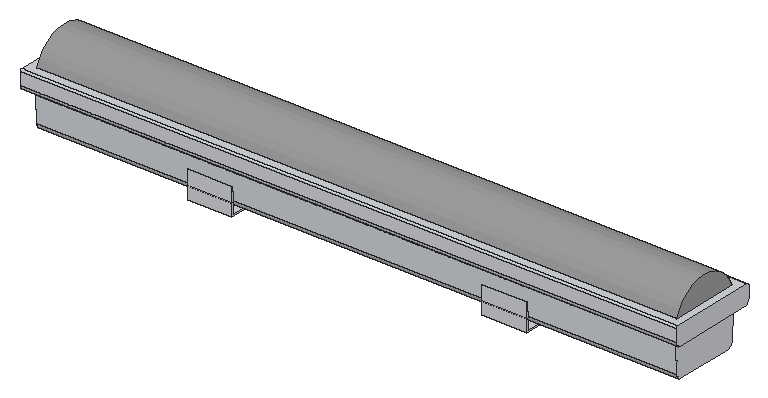
Revit family "0010204", category Lighting Fixtures, host Face, Revit 2017 (continued)
Types (60, lengths in mm): name | Weight | Wattage | TypeName | built-in parameter 1150134 | Photometric Web File | PowerFactor | PowerConsumption | NominalLength | Name | ModelReference | ModelNumber | Model | LuminousEfficacy | built-in parameter 1150105 | Lumens | LampNominalLuminous | LampMacAdamStep | LampColourTemperature | LENGHT_SYL | LENGHT_CHAMFER_SYL | LENGHT-_SYL | LENGHT-_CHAMFER_SYL | L0650_SYL | L1500_SYL | L1200_SYL | built-in parameter 1150107 | built-in parameter 1150106 | built-in parameter 1150104 | DocumentationLiterature | Description | BRACKET_WIDTH_SYL | BRACKET_DIST_SYL | Apparent Load
  0010215 RESISTO 1200 IP66 4800LM 840 QC | "1.61 kg" | 35 W | "Resisto  1200 IP66 4800lm 840 QC" | 12 | "0010215.ies" | 0.95 | "35 W" | 1212 | "Resisto  1200 IP66 4800lm 840 QC" | "Resisto  1200 IP66 4800lm 840 QC" | "0010215" | "Resisto  1200 IP66 4800lm 840 QC" | "137 lm/W" | 1583.6 (stored number, unit not read) | 4795 lm | "4800 lm" | "5" | "4000 K" | 592 | 600 | -592 | -600 | no | no | yes | 4000 (stored number, unit not read) | 15.836 (stored number, unit not read) | 12.728 (stored number, unit not read) | "http://www.sylvania-lighting.com/product/en-int/products/0010215" | "Resisto, integrated LED weatherproof luminaire, with UV stabilized flat diffuser designed to achieve uniform lit appearance, optimise light output and to reduce glare. 301 stainless steel diffuser clips and fixing brackets for surface mounting. Polycarbonate housing and diffuser - no yellow discolouration over time. 4800lm; 35W; 137lm/W; 4000K; SDCM<5; non dimmable; CRI80; IP66; IK08; Class I; 69,000hrs (L80B20) lifespan; 1200mm x 89mm x 88mm; D-mark; assembled with quick connector." | 400 | 444 | 35 VA
  0010214 RESISTO 1200 IP66 2800LM 840 QC | "1.57 kg" | 21 W | "Resisto  1200 IP66 2800lm 840 QC" | 12 | "0010214.ies" | 0.95 | "21 W" | 1212 | "Resisto  1200 IP66 2800lm 840 QC" | "Resisto  1200 IP66 2800lm 840 QC" | "0010214" | "Resisto  1200 IP66 2800lm 840 QC" | "133 lm/W" | 917.95 (stored number, unit not read) | 2793 lm | "2800 lm" | "5" | "4000 K" | 592 | 600 | -592 | -600 | no | no | yes | 4000 (stored number, unit not read) | 9.1795 (stored number, unit not read) | 12.356 (stored number, unit not read) | "http://www.sylvania-lighting.com/product/en-int/products/0010214" | "Resisto, integrated LED weatherproof luminaire, with UV stabilized flat diffuser designed to achieve uniform lit appearance, optimise light output and to reduce glare. 301 stainless steel diffuser clips and fixing brackets for surface mounting. Polycarbonate housing and diffuser - no yellow discolouration over time. 2800lm; 21W; 133lm/W; 4000K; SDCM<5; non dimmable; CRI80; IP66; IK08; Class I; 69,000hrs (L80B20) lifespan; 1200mm x 89mm x 88mm; D-mark; assembled with quick connector." | 400 | 444 | 21 VA
  0010213 RESISTO 1200 IP66 4800LM 865 | "1.54 kg" | 35 W | "Resisto  1200 IP66 4800lm 865" | 1 | "0010213.ies" | 0.95 | "35 W" | 1200 | "Resisto  1200 IP66 4800lm 865" | "Resisto  1200 IP66 4800lm 865" | "0010213" | "Resisto  1200 IP66 4800lm 865" | "137 lm/W" | 1583.6 (stored number, unit not read) | 4795 lm | "4800 lm" | "5" | "6500 K" | 592 | 600 | -592 | -600 | no | no | yes | 6500 (stored number, unit not read) | 15.836 (stored number, unit not read) | 12.728 (stored number, unit not read) | "http://www.sylvania-lighting.com/product/en-int/products/0010213" | "Resisto, integrated LED weatherproof luminaire, with UV stabilized flat diffuser designed to achieve uniform lit appearance, optimise light output and to reduce glare. 301 stainless steel diffuser clips and fixing brackets for surface mounting. Polycarbonate housing and diffuser - no yellow discolouration over time. 4800lm; 35W; 137lm/W; 6500K; SDCM<5; non dimmable; CRI80; IP66; IK08; Class I; 69,000hrs (L80B20) lifespan; 1200mm x 89mm x 88mm; D-mark." | 400 | 444 | 35 VA
  0010212 RESISTO 1200 IP66 2800LM 865 | "1.5 kg" | 21 W | "Resisto  1200 IP66 2800lm 865" | 1 | "0010212.ies" | 0.95 | "21 W" | 1200 | "Resisto  1200 IP66 2800lm 865" | "Resisto  1200 IP66 2800lm 865" | "0010212" | "Resisto  1200 IP66 2800lm 865" | "133 lm/W" | 917.95 (stored number, unit not read) | 2793 lm | "2800 lm" | "5" | "6500 K" | 592 | 600 | -592 | -600 | no | no | yes | 6500 (stored number, unit not read) | 9.1795 (stored number, unit not read) | 12.356 (stored number, unit not read) | "http://www.sylvania-lighting.com/product/en-int/products/0010212" | "Resisto, integrated LED weatherproof luminaire, with UV stabilized flat diffuser designed to achieve uniform lit appearance, optimise light output and to reduce glare. 301 stainless steel diffuser clips and fixing brackets for surface mounting. Polycarbonate housing and diffuser - no yellow discolouration over time. 2800lm; 21W; 133lm/W; 6500K; SDCM<5; non dimmable; CRI80; IP66; IK08; Class I; 69,000hrs (L80B20) lifespan; 1200mm x 89mm x 88mm; D-mark." | 400 | 444 | 21 VA
  0010211 RESISTO 1200 IP66 4800LM 840 | "11.88 kg" | 35 W | "Resisto  1200 IP66 4800lm 840" | 12 | "0010211.ies" | 0.95 | "35.0 W" | 1200 | "Resisto  1200 IP66 4800lm 840" | "Resisto  1200 IP66 4800lm 840" | "0010211" | "Resisto  1200 IP66 4800lm 840" | "137 lm/W" | -7601417.6 (stored number, unit not read) | 4795 lm | "4800 lm" | "5" | "4000 K" | 592 | 600 | -592 | -600 | no | no | yes | 4000 (stored number, unit not read) | -76014.2 (stored number, unit not read) | 12.728 (stored number, unit not read) | "http://www.sylvania-lighting.com/product/en-int/products/0010211" | "Resisto, integrated LED weatherproof luminaire, with UV stabilized flat diffuser designed to achieve uniform lit appearance, optimise light output and to reduce glare. 301 stainless steel diffuser clips and fixing brackets for surface mounting. Polycarbonate housing and diffuser - no yellow discolouration over time. 4800lm; 35W; 137lm/W; 4000K; SDCM<5; non dimmable; CRI80; IP66; IK08; Class I; 69,000hrs (L80B20) lifespan; 1200mm x 89mm x 88mm; D-mark." | 400 | 444 | 35 VA
  0010210 RESISTO 1200 IP66 2800LM 840 | "11.88 kg" | 21 W | "Resisto  1200 IP66 2800lm 840" | 12 | "0010210.ies" | 0.95 | "21.0 W" | 1200 | "Resisto  1200 IP66 2800lm 840" | "Resisto  1200 IP66 2800lm 840" | "0010210" | "Resisto  1200 IP66 2800lm 840" | "133 lm/W" | -2570258.2 (stored number, unit not read) | 2793 lm | "2800 lm" | "5" | "4000 K" | 592 | 600 | -592 | -600 | no | no | yes | 4000 (stored number, unit not read) | -25702.6 (stored number, unit not read) | 12.356 (stored number, unit not read) | "http://www.sylvania-lighting.com/product/en-int/products/0010210" | "Resisto, integrated LED weatherproof luminaire, with UV stabilized flat diffuser designed to achieve uniform lit appearance, optimise light output and to reduce glare. 301 stainless steel diffuser clips and fixing brackets for surface mounting. Polycarbonate housing and diffuser - no yellow discolouration over time. 2800lm; 21W; 133lm/W; 4000K; SDCM<5; non dimmable; CRI80; IP66; IK08; Class I; 69,000hrs (L80B20) lifespan; 1200mm x 89mm x 88mm; D-mark." | 400 | 444 | 21 VA
  0010209 RESISTO 1200 IP66 4800LM 830 | "1.54 kg" | 35 W | "Resisto  1200 IP66 4800lm 830" | (empty or 0) | "0010209.ies" | 0.95 | "35 W" | 1200 | "Resisto  1200 IP66 4800lm 830" | "Resisto  1200 IP66 4800lm 830" | "0010209" | "Resisto  1200 IP66 4800lm 830" | "137 lm/W" | 1583.6 (stored number, unit not read) | 4795 lm | "4800 lm" | "5" | "3000 K" | 592 | 600 | -592 | -600 | no | no | yes | 3000 (stored number, unit not read) | 15.836 (stored number, unit not read) | 12.728 (stored number, unit not read) | "http://www.sylvania-lighting.com/product/en-int/products/0010209" | "Resisto, integrated LED weatherproof luminaire, with UV stabilized flat diffuser designed to achieve uniform lit appearance, optimise light output and to reduce glare. 301 stainless steel diffuser clips and fixing brackets for surface mounting. Polycarbonate housing and diffuser - no yellow discolouration over time. 4800lm; 35W; 137lm/W; 3000K; SDCM<5; non dimmable; CRI80; IP66; IK08; Class I; 69,000hrs (L80B20) lifespan; 1200mm x 89mm x 88mm; D-mark." | 400 | 444 | 35 VA
  0010208 RESISTO 1200 IP66 2800LM 830 | "1.5 kg" | 21 W | "Resisto  1200 IP66 2800lm 830" | (empty or 0) | "0010208.ies" | 0.95 | "21 W" | 1200 | "Resisto  1200 IP66 2800lm 830" | "Resisto  1200 IP66 2800lm 830" | "0010208" | "Resisto  1200 IP66 2800lm 830" | "133 lm/W" | 917.95 (stored number, unit not read) | 2793 lm | "2800 lm" | "5" | "3000 K" | 592 | 600 | -592 | -600 | no | no | yes | 3000 (stored number, unit not read) | 9.1795 (stored number, unit not read) | 12.356 (stored number, unit not read) | "http://www.sylvania-lighting.com/product/en-int/products/0010208" | "Resisto, integrated LED weatherproof luminaire, with UV stabilized flat diffuser designed to achieve uniform lit appearance, optimise light output and to reduce glare. 301 stainless steel diffuser clips and fixing brackets for surface mounting. Polycarbonate housing and diffuser - no yellow discolouration over time. 2800lm; 21W; 133lm/W; 3000K; SDCM<5; non dimmable; CRI80; IP66; IK08; Class I; 69,000hrs (L80B20) lifespan; 1200mm x 89mm x 88mm; D-mark." | 400 | 444 | 21 VA
  0010207 RESISTO 600 HE IP66 2500LM 840 | "0.96 kg" | 16 W | "Resisto  600 HE IP66 2500lm 840" | 12 | "0010207.ies" | 0.95 | "16 W" | 650 | "Resisto  600 HE IP66 2500lm 840" | "Resisto  600 HE IP66 2500lm 840" | "0010207" | "Resisto  600 HE IP66 2500lm 840" | "156 lm/W" | 829.02 (stored number, unit not read) | 2496 lm | "2500 lm" | "3" | "4000 K" | 317 | 325 | -317 | -325 | yes | no | no | 4000 (stored number, unit not read) | 8.2902 (stored number, unit not read) | 14.493 (stored number, unit not read) | "http://www.sylvania-lighting.com/product/en-int/products/0010207" | "Resisto, integrated LED weatherproof luminaire, with UV stabilized flat diffuser designed to achieve uniform lit appearance, optimise light output and to reduce glare. 301 stainless steel diffuser clips and fixing brackets for surface mounting. Polycarbonate housing and diffuser - no yellow discolouration over time. 2500lm; 16W; 156lm/W; 4000K; SDCM<3; non dimmable; CRI80; IP66; IK08; Class I; 69,000hrs (L80B20) lifespan; 650mm x 89mm x 88mm; D-mark." | 125 | 169 | 16 VA
  0010206 RESISTO 600 HE IP66 1400LM 840 | "0.88 kg" | 10 W | "Resisto  600 HE IP66 1400lm 840" | 12 | "0010206.ies" | 0.9 | "10 W" | 650 | "Resisto  600 HE IP66 1400lm 840" | "Resisto  600 HE IP66 1400lm 840" | "0010206" | "Resisto  600 HE IP66 1400lm 840" | "140 lm/W" | 479.25 (stored number, unit not read) | 1400 lm | "1400 lm" | "3" | "4000 K" | 317 | 325 | -317 | -325 | yes | no | no | 4000 (stored number, unit not read) | 4.7925 (stored number, unit not read) | 13.006 (stored number, unit not read) | "http://www.sylvania-lighting.com/product/en-int/products/0010206" | "Resisto, integrated LED weatherproof luminaire, with UV stabilized flat diffuser designed to achieve uniform lit appearance, optimise light output and to reduce glare. 301 stainless steel diffuser clips and fixing brackets for surface mounting. Polycarbonate housing and diffuser - no yellow discolouration over time. 1400lm; 10W; 140lm/W; 4000K; SDCM<3; non dimmable; CRI80; IP66; IK08; Class I; 69,000hrs (L80B20) lifespan; 650mm x 89mm x 88mm; D-mark." | 125 | 169 | 10 VA
  0010205 RESISTO 600 IP66 2500LM 865 | "0.88 kg" | 19 W | "Resisto  600 IP66 2500lm 865" | 1 | "0010205.ies" | 1 | "19 W" | 650 | "Resisto  600 IP66 2500lm 865" | "Resisto  600 IP66 2500lm 865" | "0010205" | "Resisto  600 IP66 2500lm 865" | "132 lm/W" | 833.01 (stored number, unit not read) | 2508 lm | "2500 lm" | "5" | "6500 K" | 317 | 325 | -317 | -325 | yes | no | no | 6500 (stored number, unit not read) | 8.3301 (stored number, unit not read) | 12.263 (stored number, unit not read) | "http://www.sylvania-lighting.com/product/en-int/products/0010205" | "Resisto, integrated LED weatherproof luminaire, with UV stabilized flat diffuser designed to achieve uniform lit appearance, optimise light output and to reduce glare. 301 stainless steel diffuser clips and fixing brackets for surface mounting. Polycarbonate housing and diffuser - no yellow discolouration over time. 2500lm; 19W; 132lm/W; 6500K; SDCM<5; non dimmable; CRI80; IP66; IK08; Class I; 69,000hrs (L80B20) lifespan; 650mm x 89mm x 88mm; D-mark." | 125 | 169 | 19 VA
  0010204 RESISTO 600 IP66 1600LM 865 | "0.88 kg" | 12 W | "Resisto  600 IP66 1600lm 865" | 1 | "0010204.ies" | 0.9 | "12 W" | 650 | "Resisto  600 IP66 1600lm 865" | "Resisto  600 IP66 1600lm 865" | "0010204" | "Resisto  600 IP66 1600lm 865" | "133 lm/W" | 546.34 (stored number, unit not read) | 1596 lm | "1600 lm" | "5" | "6500 K" | 317 | 325 | -317 | -325 | yes | no | no | 6500 (stored number, unit not read) | 5.4634 (stored number, unit not read) | 12.356 (stored number, unit not read) | "http://www.sylvania-lighting.com/product/en-int/products/0010204" | "Resisto, integrated LED weatherproof luminaire, with UV stabilized flat diffuser designed to achieve uniform lit appearance, optimise light output and to reduce glare. 301 stainless steel diffuser clips and fixing brackets for surface mounting. Polycarbonate housing and diffuser - no yellow discolouration over time. 1600lm; 12W; 133lm/W; 6500K; SDCM<5; non dimmable; CRI80; IP66; IK08; Class I; 69,000hrs (L80B20) lifespan; 650mm x 89mm x 88mm; D-mark." | 125 | 169 | 12 VA
  0010203 RESISTO 600 IP66 2500LM 840 | "10.2 kg" | 19 W | "Resisto  600 IP66 2500lm 840" | 12 | "0010203.ies" | 0.95 | "19.0 W" | 650 | "Resisto  600 IP66 2500lm 840" | "Resisto  600 IP66 2500lm 840" | "0010203" | "Resisto  600 IP66 2500lm 840" | "132 lm/W" | -2082492.7 (stored number, unit not read) | 2508 lm | "2500 lm" | "5" | "4000 K" | 317 | 325 | -317 | -325 | yes | no | no | 4000 (stored number, unit not read) | -20824.9 (stored number, unit not read) | 12.263 (stored number, unit not read) | "http://www.sylvania-lighting.com/product/en-int/products/0010203" | "Resisto, integrated LED weatherproof luminaire, with UV stabilized flat diffuser designed to achieve uniform lit appearance, optimise light output and to reduce glare. 301 stainless steel diffuser clips and fixing brackets for surface mounting. Polycarbonate housing and diffuser - no yellow discolouration over time. 2500lm; 19W; 132lm/W; 4000K; SDCM<5; non dimmable; CRI80; IP66; IK08; Class I; 69,000hrs (L80B20) lifespan; 650mm x 89mm x 88mm; D-mark." | 125 | 169 | 19 VA
  0010202 RESISTO 600 IP66 1600LM 840 | "10.2 kg" | 12 W | "Resisto  600 IP66 1600lm 840" | 12 | "0010202.ies" | 0.9 | "12.0 W" | 650 | "Resisto  600 IP66 1600lm 840" | "Resisto  600 IP66 1600lm 840" | "0010202" | "Resisto  600 IP66 1600lm 840" | "133 lm/W" | -874129.2 (stored number, unit not read) | 1596 lm | "1600 lm" | "5" | "4000 K" | 317 | 325 | -317 | -325 | yes | no | no | 4000 (stored number, unit not read) | -8741.3 (stored number, unit not read) | 12.356 (stored number, unit not read) | "http://www.sylvania-lighting.com/product/en-int/products/0010202" | "Resisto, integrated LED weatherproof luminaire, with UV stabilized flat diffuser designed to achieve uniform lit appearance, optimise light output and to reduce glare. 301 stainless steel diffuser clips and fixing brackets for surface mounting. Polycarbonate housing and diffuser - no yellow discolouration over time. 1600lm; 12W; 133lm/W; 4000K; SDCM<5; non dimmable; CRI80; IP66; IK08; Class I; 69,000hrs (L80B20) lifespan; 650mm x 89mm x 88mm; D-mark." | 125 | 169 | 12 VA
  0010279 RESISTO 1500 HE IP66 DALI 8300LM 840 | "2.01 kg" | 54 W | "Resisto 1500 HE IP66 DALI 8300lm 840" | 12 | "0010279.ies" | 0.99 | "54 W" | 1500 | "Resisto 1500 HE IP66 DALI 8300lm 840" | "Resisto 1500 HE IP66 DALI 8300lm 840" | "0010279" | "Resisto 1500 HE IP66 DALI 8300lm 840" | "154 lm/W" | 2773 (stored number, unit not read) | 8316 lm | "8300 lm" | "3" | "4000 K" | 742 | 750 | -742 | -750 | no | yes | no | 4000 (stored number, unit not read) | 27.73 (stored number, unit not read) | 14.307 (stored number, unit not read) | "http://www.sylvania-lighting.com/product/en-int/products/0010279" | "Resisto, integrated LED weatherproof luminaire, with UV stabilized flat diffuser designed to achieve uniform lit appearance, optimise light output and to reduce glare. 301 stainless steel diffuser clips and fixing brackets for surface mounting. Polycarbonate housing and diffuser - no yellow discolouration over time. 8300lm; 54W; 154lm/W; 4000K; SDCM<3; DALI dimmable; CRI80; IP66; IK08; Class I; 69,000hrs (L80B20) lifespan; 1500mm x 89mm x 88mm; D-mark." | 550 | 594 | 54 VA
